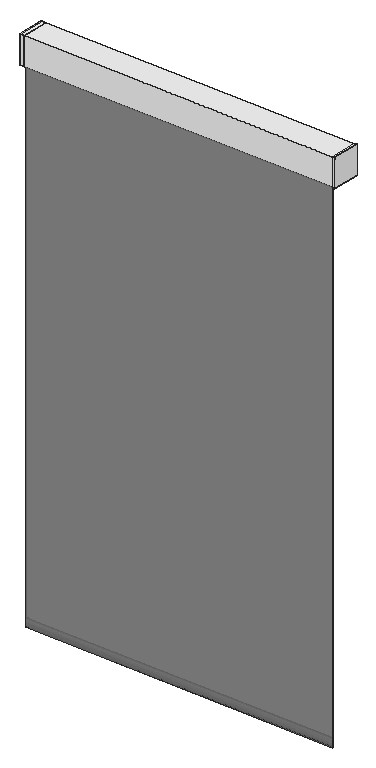
Revit family "WindowShade_RolleaseAcmeda_ContractSeries_5inFascia_SingleShade_R20", category Specialty Equipment, host Wall, Revit 2020
Family settings
  Host = Wall
  Round Connector Dimension = Use Diameter
  Part Type = Normal
  Always vertical = Yes
  Cut with Voids When Loaded = No
  Shared = No
  Room Calculation Point = No
Parameters (values of type "5'W x 8'Drop - Motorized - White")
  Weight Bar = RA - FINISH - WHITE
  URL = "https://www.rolleaseacmedacontract.com/resources/"
  Shade Width Calc = if(Input Bracket Width < 1' 6", 1' 6", if(Input Bracket Width > 12' 0", 12' 0", Input Bracket Width))  # 5' - 0"
  Model = "RA - Contract Series"
  Manufacturer = "Rollease Acmeda"
  Input Bracket Width = 5' - 0"
  Shade Fabric = RA - FABRIC - AMBIENT REVIEW
  Shade Drop Calc = if(Input Shade Drop < 0' 0", 1' 0" / 12, if(Input Shade Drop > 12' 0", 12' 0", Input Shade Drop))  # 8' - 0"
  Input Shade Drop = 8' - 0"
  Description = "RAC Series 1 - 5\" Fascia System"
  Contact Email = "contract@rolleaseacmeda.com"
  Drive Motorized Calc = and(not([Drive Manual LH (Select One)]), not([Drive Manual RH (Select One)]))  # yes
  Drive Manual Right Calc = and(not([Drive Manual LH (Select One)]), not([Drive Motorized (Select One)]))  # no
  Drive Manual Left Calc = and(not([Drive Manual RH (Select One)]), not([Drive Motorized (Select One)]))  # no
  Drive Manual RH (Select One) = no
  Drive Manual LH (Select One) = no
  Header Finish = RA - FINISH - WHITE
  Drive Motorized (Select One) = yes
  Default Elevation = 10' - 0"
  Contact Phone = "1-800-552-5100"
  Chain Length = Shade Drop Calc * 0.85  # 6' - 9.6"
  Drop Bar Silent Weight = no
  Drop Bar Internal Hem = not(Drop Bar Silent Weight)  # yes
Types (3): name | Drive Motorized Calc | Drive Manual Right Calc | Drive Manual Left Calc | Drive Manual RH (Select One) | Drive Manual LH (Select One) | Drive Motorized (Select One)
  5'W x 8'Drop - Manual Left - White | no | no | yes | no | yes | no
  5'W x 8'Drop - Manual Right - White | no | yes | no | yes | no | no
  5'W x 8'Drop - Motorized - White | yes | no | no | no | no | yes
Reference planes (in)
  plane 1: y = 0
  plane 2 "Center (Left/Right)": x = 0
  plane 3 "Back": y = 3
  plane 4 "B.O. Header": z = 51.22662
  plane 5 "B.O. Shade": z = -44.77338
  plane 6: x = 30
  plane 7: x = -30
  plane 8: x = 29.19
  plane 9: x = -29.19
Forms (in)
  Extrusion 1, solid, material "RA - FABRIC - AMBIENT REVIEW" <- "Shade Fabric"
    sketch origin (0, 3, -30) x (1, 0, 0) y (0, 0, 1)
      loop
        line (29.19, 81.22662) -> (-29.19, 81.22662) -> (-29.19, -14.77338) -> (29.19, -14.77338) -> (29.19, 81.22662)
    from -0.5 to -0.625
  Sweep 2, solid, material "RA - FABRIC - AMBIENT REVIEW" <- "Shade Fabric", visible <- "Drop Bar Internal Hem", detail levels fine
    path in 3D
      loop
        line (29.19, 3.625, -44.77338) -> (-29.19, 3.625, -44.77338)
    profile "PROFILE - SEALED HEM : PROFILE - SEALED HEM" origin (0, 3.625, -44.77338) x (0, 1, 0) y (0, 0, -1)
      loop
        arc (-0.04652, -0.00918) -> (-0.21009, -0.8709) -> (-0.06158, -1.73535) r 2.46494
        line (-0.06158, -1.73535) -> (0.0003, -1.73535)
        arc (0.0003, -1.73535) -> (0.14882, -0.8709) -> (-0.01476, -0.00918) r 2.46494
        arc (-0.01476, -0.00918) -> (-0.03064, 0.00091) -> (-0.04652, -0.00918) r 0.01753
  Sweep 3, solid, material "RA - FINISH - WHITE" <- "Weight Bar", visible <- "Drop Bar Silent Weight", detail levels fine
    path in 3D
      loop
        line (29.19, 3.625, -44.77338) -> (-29.19, 3.625, -44.77338)
    profile "PROFILE - WEIGHTED DROP : PROFILE - WEIGHTED DROP" origin (0, 3.625, -44.77338) x (0, 1, 0) y (0, 0, -1)
      loop
        arc (0.17315, -1.26562) -> (0.2326, -0.91458) -> (0.23882, -0.55859) r 2.37109
        line (0.23882, -0.55859) -> (0.19081, -0.55859) -> (0.19081, -0.49609) -> (0.23438, -0.49609)
        arc (0.23438, -0.49609) -> (0.21114, -0.30933) -> (0.17315, -0.125) r 2.37109
        line (0.17315, -0.125) -> (0.0158, -0.125) -> (0.0158, 0) -> (-0.07014, 0) -> (-0.07014, -0.125) -> (-0.34638, -0.125) -> (-0.34638, -1.26562) -> (0.17315, -1.26562)
Lines and regions (in)
  sketch lines
    curve 1: line (29.19, 3.625, -44.77338) -> (-29.19, 3.625, -44.77338)
    curve 2: line (29.19, 3.625, -44.77338) -> (-29.19, 3.625, -44.77338)
Text (in)
  text "Placement Side" at (0, 40.15149, 123.01588), in view "Right"
  text "Placement Side" at (-58.6842, 42.74981, 0), in view "Ref. Level"
  text "Placement Side" at (0, 47.49176, 140.59947), in view "Left"
Dimensions and locks (in)
  locked: plane 3 "Back" to host wall
  "Shade Drop Calc": plane 5 "B.O. Shade" to plane 4 "B.O. Header"
  "Shade Drop Calc": Extrusion 1 sketch curve to Extrusion 1 sketch curve
  locked: nested 5 to plane 9 at 0.375
  "Chain Length": nested 5 to plane 4 "B.O. Header"
  locked: nested 9 to plane 8 at 0.375
  "Chain Length": nested 9 to plane 4 "B.O. Header"
  equal spacing: plane 6, plane 2 "Center (Left/Right)", plane 7
  "Shade Width Calc": plane 6 to plane 7
  locked: plane 6 to plane 8 at 0.81
  locked: plane 9 to plane 7 at 0.81
  aligned and locked: plane 6 to nested 3
  aligned and locked: plane 6 to nested 11
  aligned and locked: nested 7 to plane 6
  aligned and locked: nested 2 to plane 7
  aligned and locked: nested 10 to plane 7
  aligned and locked: plane 7 to nested 6
  aligned and locked: Extrusion 1 sketch curve to plane 8
  aligned and locked: plane 9 to Extrusion 1 sketch curve
Automatic sketch dimensions
  Extrusion 1 sketch curve to plane 5 "B.O. Shade" = 0' - 0"
Nested families (in)
  nested 1: "2.0GeneralHeader" at (0, 3, 53.56154) x (-1, 0, 0) z (0, 1, 0), type "2.0GeneralHeader"
    with Header Height 0' - 5 61/256", Header Depth 0' - 5 9/128"
  nested 2: "2.0HeaderCapChain" at (-30, 3, 54.71983) x (-1, 0, 0) z (0, 1, 0), visible <- "Drive Manual Right Calc", type "2.0HeaderCapChain"
    with Header Height 0' - 5 61/256", Header Depth 0' - 5 9/128"
  nested 3: "2.0HeaderCap" at (30, 3, 52.9717) x (1, 0, 0) z (0, 1, 0), visible <- "Drive Manual Right Calc", type "2.0HeaderCap"
    with Header Height 0' - 5 61/256", Header Depth 0' - 5 9/128"
  nested 4: "PULL CHAIN2" at (-29.5314, 5.11124, 51.22662) x (-1, 0, 0) z (0, 0, -1), visible <- "Drive Manual Right Calc", type "PULL CHAIN2", detail levels fine
    with CHAIN LENGTH 6' - 9.6"
  nested 5: "CHAIN HOLDER" at (-29.565, 3, -30.37338) x (1, 0, 0) z (0, 1, 0), visible <- "Drive Manual Right Calc", type "CHAIN HOLDER", detail levels fine
  nested 6: "2.0HeaderCap" at (-30, 3, 52.9717) x (-1, 0, 0) z (0, 1, 0), visible <- "Drive Manual Left Calc", type "2.0HeaderCap"
    with Header Height 0' - 5 61/256", Header Depth 0' - 5 9/128"
  nested 7: "2.0HeaderCapChain" at (30, 3, 54.71983) x (1, 0, 0) z (0, 1, 0), visible <- "Drive Manual Left Calc", type "2.0HeaderCapChain"
    with Header Height 0' - 5 61/256", Header Depth 0' - 5 9/128"
  nested 8: "PULL CHAIN2" at (29.6314, 5.11124, 51.22662) x (1, 0, 0) z (0, 0, -1), visible <- "Drive Manual Left Calc", type "PULL CHAIN2", detail levels fine
    with CHAIN LENGTH 6' - 9.6"
  nested 9: "CHAIN HOLDER" at (29.565, 3, -30.37338) x (1, 0, 0) z (0, 1, 0), visible <- "Drive Manual Left Calc", type "CHAIN HOLDER", detail levels fine
  nested 10: "2.0HeaderCapChain" at (-30, 3, 54.71983) x (-1, 0, 0) z (0, 1, 0), visible <- "Drive Motorized Calc", type "2.0HeaderCapChain"
    with Header Height 0' - 5 61/256", Header Depth 0' - 5 9/128"
  nested 11: "2.0HeaderCap" at (30, 3, 52.9717) x (1, 0, 0) z (0, 1, 0), visible <- "Drive Motorized Calc", type "2.0HeaderCap"
    with Header Height 0' - 5 61/256", Header Depth 0' - 5 9/128"
Definition of nested family "2.0GeneralHeader"
  Parameters (values of type "2.0GeneralHeader")
    Header Width = 5' - 0"
    Header Height = 0' - 3 59/128"
    Header Finish = none
    Header Depth = 0' - 3 37/128"
    Default Elevation = 4' - 0"
  Reference planes (in)
    plane 1 "Center (Front/Back)": y = 0
    plane 2: z = 0
    plane 3 "Center (Left/Right)": x = 0
    plane 4: x = -30
    plane 5: x = 30
    plane 6: y = 2.90336
    plane 7: y = -0.55757
    plane 8: z = 3.28906
  Forms (in)
    Extrusion 1, solid, material <- "Header Finish"
      sketch origin (0, 0, 0) x (1, 0, 0) y (0, 1, 0)
        loop
          line (-30, -0.55757) -> (30, -0.55757) -> (30, 2.90336) -> (-30, 2.90336) -> (-30, -0.55757)
      from 0 to 3.28906
  Lines and regions (in)
    Masking region 1
      outline origin (0, 0, 0) x (1, 0, 0) y (0, 1, 0)
        loop
          line (-30, 2.90336) -> (-30, -0.55757) -> (30, -0.55757) -> (30, 2.90336) -> (-30, 2.90336)
  Dimensions and locks (in)
    "Header Width": plane 4 to plane 5
    "Header Height": plane 7 to plane 6
    "Header Depth": plane 8 to plane 2
    equal spacing: plane 4, plane 3 "Center (Left/Right)", plane 5
    aligned and locked: plane 2 to level
    aligned and locked: plane 4 to Extrusion 1
    aligned and locked: Extrusion 1 to plane 5
    aligned and locked: Extrusion 1 to plane 6
    aligned and locked: Extrusion 1 to plane 7
    aligned and locked: plane 8 to Extrusion 1
    aligned and locked: plane 4 to Masking region 1
    aligned and locked: Masking region 1 to plane 7
    aligned and locked: Masking region 1 to plane 6
    aligned and locked: Masking region 1 to plane 5
  Automatic sketch dimensions
    Extrusion 1 sketch curve to plane 4 = 0' - 0"
    plane 5 to Extrusion 1 sketch curve = 0' - 0"
    Extrusion 1 sketch curve to plane 7 = 0' - 0"
    plane 6 to Extrusion 1 sketch curve = 0' - 0"
    Masking region 1 sketch curve to plane 4 = 0' - 0"
    plane 5 to Masking region 1 sketch curve = 0' - 0"
    Masking region 1 sketch curve to plane 7 = 0' - 0"
    plane 6 to Masking region 1 sketch curve = 0' - 0"
Definition of nested family "2.0HeaderCapChain"
  Parameters (values of type "2.0HeaderCapChain")
    Header Height = 0' - 3 59/128"
    Header Finish = none
    Header Depth = 0' - 3 37/128"
    End Cap Depth = 0' - 0 1/16"
    Default Elevation = 4' - 0"
  Reference planes (in)
    plane 1 "Center (Front/Back)": y = 0
    plane 2: z = 0
    plane 3 "Center (Left/Right)": x = 0
    plane 4 "FACE": x = -0.81
    plane 5: y = 1.74507
    plane 6: y = -1.71586
    plane 7: z = 3.28906
    plane 8: y = 1.80757
    plane 9: z = 3.35156
    plane 10: y = -1.77836
  Forms (in)
    Extrusion 1, solid, material <- "Header Finish"
      sketch origin (0, 0, 0) x (1, 0, 0) y (0, 1, 0)
        loop
          line (-0.81, -1.71586) -> (0, -1.71586) -> (0, 1.74507) -> (-0.81, 1.74507) -> (-0.81, -1.71586)
      from 0 to 3.28906
    Extrusion 2, solid, material <- "Header Finish"
      sketch origin (0, 0, 0) x (0, 1, 0) y (0, 0, 1)
        loop
          line (1.80757, 3.35156) -> (-1.77836, 3.35156) -> (-1.77836, 0) -> (1.80757, 0) -> (1.80757, 3.35156)
      from -0.0625 to 0
  Lines and regions (in)
    Masking region 1
      outline origin (0, 0, 0) x (1, 0, 0) y (0, 1, 0)
        loop
          line (-0.81, 1.74507) -> (-0.81, -1.71586) -> (0, -1.71586) -> (0, 1.74507) -> (-0.81, 1.74507)
  Dimensions and locks (in)
    "Header Height": plane 6 to plane 5
    "Header Depth": plane 7 to plane 2
    locked: plane 4 "FACE" to plane 3 "Center (Left/Right)" at 0.81
    "End Cap Depth": plane 9 to plane 7
    "End Cap Depth": plane 6 to plane 10
    "End Cap Depth": plane 8 to plane 5
    aligned and locked: plane 2 to level
    aligned and locked: plane 4 "FACE" to Extrusion 1
    aligned and locked: Extrusion 1 to plane 5
    aligned and locked: plane 6 to Extrusion 1
    aligned and locked: plane 7 to Extrusion 1
    aligned and locked: plane 4 "FACE" to Masking region 1
    aligned and locked: plane 6 to Masking region 1
    aligned and locked: Masking region 1 to plane 5
    aligned and locked: plane 3 "Center (Left/Right)" to Extrusion 1
    aligned and locked: Extrusion 2 sketch curve to Extrusion 1
    aligned and locked: Extrusion 2 sketch curve to plane 10
    aligned and locked: Extrusion 2 sketch curve to plane 9
    aligned and locked: plane 8 to Extrusion 2 sketch curve
    aligned and locked: plane 3 "Center (Left/Right)" to Masking region 1
  Automatic sketch dimensions
    Extrusion 1 sketch curve to plane 4 "FACE" = 0' - 0"
    Extrusion 1 sketch curve to plane 6 = 0' - 0"
    plane 5 to Extrusion 1 sketch curve = 0' - 0"
    Masking region 1 sketch curve to plane 4 "FACE" = 0' - 0"
    Masking region 1 sketch curve to plane 6 = 0' - 0"
    plane 5 to Masking region 1 sketch curve = 0' - 0"
    plane 3 "Center (Left/Right)" to Extrusion 1 sketch curve = 0' - 0"
    Masking region 1 sketch curve to plane 3 "Center (Left/Right)" = 0' - 0"
Definition of nested family "2.0HeaderCap"
  Parameters (values of type "2.0HeaderCap")
    Header Height = 0' - 3 59/128"
    Header Finish = none
    Header Depth = 0' - 3 37/128"
    End Cap Depth = 0' - 0 1/16"
    Default Elevation = 4' - 0"
  Reference planes (in)
    plane 1 "Center (Front/Back)": y = 0
    plane 2: z = 0
    plane 3 "Center (Left/Right)": x = 0
    plane 4: x = -0.46
    plane 5: y = 1.74507
    plane 6: y = -1.71586
    plane 7: z = 3.28906
    plane 8: y = 1.80757
    plane 9: z = 3.35156
    plane 10: y = -1.77836
  Forms (in)
    Extrusion 1, solid, material <- "Header Finish"
      sketch origin (0, 0, 0) x (1, 0, 0) y (0, 1, 0)
        loop
          line (-0.46, -1.71586) -> (0, -1.71586) -> (0, 1.74507) -> (-0.46, 1.74507) -> (-0.46, -1.71586)
      from 0 to 3.28906
    Extrusion 2, solid, material <- "Header Finish"
      sketch origin (0, 0, 0) x (0, 1, 0) y (0, 0, 1)
        loop
          line (1.80757, 3.35156) -> (-1.77836, 3.35156) -> (-1.77836, 0) -> (1.80757, 0) -> (1.80757, 3.35156)
      from -0.0625 to 0
  Lines and regions (in)
    Masking region 1
      outline origin (0, 0, 0) x (1, 0, 0) y (0, 1, 0)
        loop
          line (-0.46, 1.74507) -> (-0.46, -1.71586) -> (0, -1.71586) -> (0, 1.74507) -> (-0.46, 1.74507)
  Dimensions and locks (in)
    "Header Height": plane 6 to plane 5
    "Header Depth": plane 7 to plane 2
    locked: plane 4 to plane 3 "Center (Left/Right)" at 0.46
    "End Cap Depth": plane 9 to plane 7
    "End Cap Depth": plane 6 to plane 10
    "End Cap Depth": plane 8 to plane 5
    aligned and locked: plane 2 to level
    aligned and locked: plane 4 to Extrusion 1
    aligned and locked: Extrusion 1 to plane 5
    aligned and locked: plane 6 to Extrusion 1
    aligned and locked: plane 7 to Extrusion 1
    aligned and locked: plane 4 to Masking region 1
    aligned and locked: plane 6 to Masking region 1
    aligned and locked: Masking region 1 to plane 5
    aligned and locked: plane 3 "Center (Left/Right)" to Extrusion 1
    aligned and locked: Extrusion 2 sketch curve to Extrusion 1
    aligned and locked: Extrusion 2 sketch curve to plane 10
    aligned and locked: Extrusion 2 sketch curve to plane 9
    aligned and locked: plane 8 to Extrusion 2 sketch curve
    aligned and locked: plane 3 "Center (Left/Right)" to Masking region 1
  Automatic sketch dimensions
    Extrusion 1 sketch curve to plane 4 = 0' - 0"
    Extrusion 1 sketch curve to plane 6 = 0' - 0"
    plane 5 to Extrusion 1 sketch curve = 0' - 0"
    Masking region 1 sketch curve to plane 4 = 0' - 0"
    Masking region 1 sketch curve to plane 6 = 0' - 0"
    plane 5 to Masking region 1 sketch curve = 0' - 0"
    plane 3 "Center (Left/Right)" to Extrusion 1 sketch curve = 0' - 0"
    Masking region 1 sketch curve to plane 3 "Center (Left/Right)" = 0' - 0"
Definition of nested family "PULL CHAIN2"
  Parameters (values of type "PULL CHAIN2")
    MANUAL DRIVE CHAIN = yes
    Default Elevation = 4' - 0"
    CHAIN LENGTH = 4' - 0"
  Reference planes (in)
    plane 1 "Center (Front/Back)": y = 0
    plane 2 "bottom": z = 0
    plane 3 "Center (Left/Right)": x = 0
    plane 4 "top": z = 48
  Forms (in)
    Extrusion 1, solid
      sketch origin (0, 0, 0) x (1, 0, 0) y (0, 1, 0)
        loop
          circle (0, 0) r 0.0625
        loop
          circle (0, 1.25) r 0.0625
      from 0 to 48
  Dimensions and locks (in)
    plane 4 "top" to plane 2 "bottom" = 4' - 0"
    "CHAIN LENGTH": plane 4 "top" to plane 2 "bottom"
    aligned and locked: plane 2 "bottom" to level
    aligned and locked: plane 4 "top" to Extrusion 1
    aligned and locked: Extrusion 1 to plane 2 "bottom"
  Automatic sketch dimensions
    Extrusion 1 sketch curve to plane 3 "Center (Left/Right)" = 0' - 0"  (x2)
    plane 1 "Center (Front/Back)" to Extrusion 1 sketch curve = 0' - 0"
    Extrusion 1 sketch curve to Extrusion 1 sketch curve = 0' - 1 1/4"
    radius of Extrusion 1 sketch curve = 0' - 0 1/16"  (x2)
Definition of nested family "CHAIN HOLDER"
  Parameters (values of type "CHAIN HOLDER")
    Default Elevation = 4' - 0"
  Reference planes (in)
    plane 1 "Center (Front/Back)": y = 0
    plane 2: z = 0
    plane 3 "Center (Left/Right)": x = 0
  Forms (in)
    Extrusion 1, solid
      sketch origin (0, -0.90475, 0) x (1, 0, 0) y (0, 1, 0)
        loop
          line (-0.15144, 0) -> (0.15144, 0)
          arc (0.15144, 0) -> (0.30013, 0.06647) -> (0.34975, 0.2216) r 0.19953
          line (0.34975, 0.2216) -> (0.16523, 1.87945)
          arc (0.16523, 1.87945) -> (0.12687, 1.95389) -> (0.04865, 1.98378) r 0.1173
          line (0.04865, 1.98378) -> (-0.04865, 1.98378)
          arc (-0.04865, 1.98378) -> (-0.12687, 1.95389) -> (-0.16523, 1.87945) r 0.1173
          line (-0.16523, 1.87945) -> (-0.34975, 0.2216)
          arc (-0.34975, 0.2216) -> (-0.30013, 0.06647) -> (-0.15144, 0) r 0.19953
        loop
          circle (0, 0.2615) r 0.125
        loop
          circle (0, 1.66775) r 0.125
      from 0 to 0.5
    Extrusion 2, void
      sketch origin (0, -0.90475, 0) x (1, 0, 0) y (0, 1, 0)
        loop
          line (-0.3577, 1.23378) -> (-0.3577, 0.65475) -> (0.3436, 0.65475) -> (0.3436, 1.23378) -> (-0.3577, 1.23378)
      from 0 to 0.375
  Cuts and joins
    Extrusion 2 cuts Extrusion 1
  Dimensions and locks (in)
    aligned and locked: plane 2 to level
